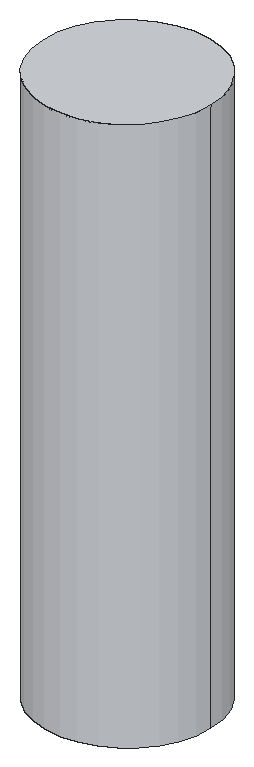
Revit family "LC-generico-Alberi", category Modelli generici, Revit 2017
Family settings
  Può ospitare armatura = No
  Quota connettore circolare = Usa diametro
  Tipo di parte = Normale
  Basato su piano di lavoro = No
  Sempre verticale = Sì
  Taglio con vuoti quando caricato = No
  Condiviso = No
  Punto di calcolo locali = No
Parameters (values of type "Tronco piccolo")
  h = 10 m
  D = 3 m
Types (4, lengths in m): name | h
  (no name) | 10
  Tronco | 15
  Ciocchetto | 0.5
  Tronco piccolo | 10
Reference planes (m)
  plane 1 "Centro (Fronte/Retro)": y = 0
  plane 2: z = 0
  plane 3 "Centro (Sinistra/Destra)": x = 0
Forms (m)
  Extrusion 1, solid
    sketch origin (0, 0, 0) x (1, 0, 0) y (0, 1, 0)
      loop
        circle (0, 0) r 1.5
    from 0 to 10
Dimensions and locks (m)
  "h": Extrusion 1 to Extrusion 1
  "D": diameter of Extrusion 1
  aligned and locked: level to plane 2
Automatic sketch dimensions
  plane 1 "Centro (Fronte/Retro)" to Extrusion 1 sketch curve = 0 m
  Extrusion 1 sketch curve to plane 3 "Centro (Sinistra/Destra)" = 0 m
  radius of Extrusion 1 sketch curve = 1.5 m
